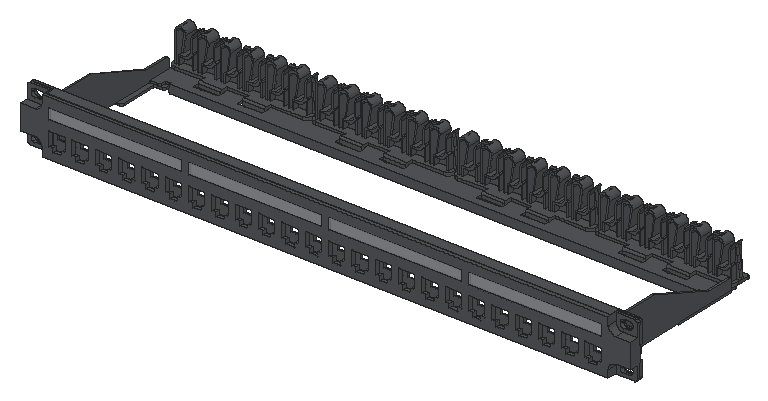
Revit family "Panel de interconexión", category Equipement spécialisé, Revit 2020 (continued)
Forms (mm)
  Extrusion 73, solid, material "IDS_NOIR" <- "Color"
    sketch origin (0, 127.2, 8.1) x (0, 1, 0) y (1, 0, 0)
      loop
        arc (104.1, 217.05) -> (103.393, 216.757) -> (103.1, 216.05) r 1
        line (103.1, 216.05) -> (103.1, 215.05) -> (97.1, 215.05)
    from 0 to -1.5
  Extrusion 74, solid, material "IDS_NOIR" <- "Color"
    sketch origin (-18.1, 127.2, 8.1) x (0, 1, 0) y (1, 0, 0)
      loop
        line (97.1, 215.05) -> (97.1, 210.05) -> (103.1, 210.05) -> (103.1, 209.05)
        arc (103.1, 209.05) -> (103.393, 208.343) -> (104.1, 208.05) r 1
        line (104.1, 208.05) -> (105.1, 208.05)
        arc (105.1, 208.05) -> (105.807, 208.343) -> (106.1, 209.05) r 1
        line (106.1, 209.05) -> (106.1, 216.05)
        arc (106.1, 216.05) -> (105.807, 216.757) -> (105.1, 217.05) r 1
        line (105.1, 217.05) -> (104.1, 217.05)
        arc (104.1, 217.05) -> (103.393, 216.757) -> (103.1, 216.05) r 1
        line (103.1, 216.05) -> (103.1, 215.05) -> (97.1, 215.05)
    from 0 to -1.5
  Extrusion 75, solid, material "IDS_NOIR" <- "Color"
    sketch origin (-36.2, 127.2, 8.1) x (0, 1, 0) y (1, 0, 0)
      loop
        line (97.1, 215.05) -> (97.1, 210.05) -> (103.1, 210.05) -> (103.1, 209.05)
        arc (103.1, 209.05) -> (103.393, 208.343) -> (104.1, 208.05) r 1
        line (104.1, 208.05) -> (105.1, 208.05)
        arc (105.1, 208.05) -> (105.807, 208.343) -> (106.1, 209.05) r 1
        line (106.1, 209.05) -> (106.1, 216.05)
        arc (106.1, 216.05) -> (105.807, 216.757) -> (105.1, 217.05) r 1
        line (105.1, 217.05) -> (104.1, 217.05)
        arc (104.1, 217.05) -> (103.393, 216.757) -> (103.1, 216.05) r 1
        line (103.1, 216.05) -> (103.1, 215.05) -> (97.1, 215.05)
    from 0 to -1.5
  Extrusion 76, solid, material "IDS_NOIR" <- "Color"
    sketch origin (-54.3, 127.2, 8.1) x (0, 1, 0) y (1, 0, 0)
      loop
        line (97.1, 215.05) -> (97.1, 210.05) -> (103.1, 210.05) -> (103.1, 209.05)
        arc (103.1, 209.05) -> (103.393, 208.343) -> (104.1, 208.05) r 1
        line (104.1, 208.05) -> (105.1, 208.05)
        arc (105.1, 208.05) -> (105.807, 208.343) -> (106.1, 209.05) r 1
        line (106.1, 209.05) -> (106.1, 216.05)
        arc (106.1, 216.05) -> (105.807, 216.757) -> (105.1, 217.05) r 1
        line (105.1, 217.05) -> (104.1, 217.05)
        arc (104.1, 217.05) -> (103.393, 216.757) -> (103.1, 216.05) r 1
        line (103.1, 216.05) -> (103.1, 215.05) -> (97.1, 215.05)
    from 0 to -1.5
  Extrusion 77, solid, material "IDS_NOIR" <- "Color"
    sketch origin (-72.4, 127.2, 8.1) x (0, 1, 0) y (1, 0, 0)
      loop
        line (97.1, 215.05) -> (97.1, 210.05) -> (103.1, 210.05) -> (103.1, 209.05)
        arc (103.1, 209.05) -> (103.393, 208.343) -> (104.1, 208.05) r 1
        line (104.1, 208.05) -> (105.1, 208.05)
        arc (105.1, 208.05) -> (105.807, 208.343) -> (106.1, 209.05) r 1
        line (106.1, 209.05) -> (106.1, 216.05)
        arc (106.1, 216.05) -> (105.807, 216.757) -> (105.1, 217.05) r 1
        line (105.1, 217.05) -> (104.1, 217.05)
        arc (104.1, 217.05) -> (103.393, 216.757) -> (103.1, 216.05) r 1
        line (103.1, 216.05) -> (103.1, 215.05) -> (97.1, 215.05)
    from 0 to -1.5
  Extrusion 78, solid, material "IDS_NOIR" <- "Color"
    sketch origin (-90.5, 127.2, 8.1) x (0, 1, 0) y (1, 0, 0)
      loop
        line (97.1, 215.05) -> (97.1, 210.05) -> (103.1, 210.05) -> (103.1, 209.05)
        arc (103.1, 209.05) -> (103.393, 208.343) -> (104.1, 208.05) r 1
        line (104.1, 208.05) -> (105.1, 208.05)
        arc (105.1, 208.05) -> (105.807, 208.343) -> (106.1, 209.05) r 1
        line (106.1, 209.05) -> (106.1, 216.05)
        arc (106.1, 216.05) -> (105.807, 216.757) -> (105.1, 217.05) r 1
        line (105.1, 217.05) -> (104.1, 217.05)
        arc (104.1, 217.05) -> (103.393, 216.757) -> (103.1, 216.05) r 1
        line (103.1, 216.05) -> (103.1, 215.05) -> (97.1, 215.05)
    from 0 to -1.5
  Extrusion 79, solid, material "IDS_NOIR" <- "Color"
    sketch origin (-112, 127.2, 8.1) x (0, 1, 0) y (1, 0, 0)
      loop
        line (97.1, 215.05) -> (97.1, 210.05) -> (103.1, 210.05) -> (103.1, 209.05)
        arc (103.1, 209.05) -> (103.393, 208.343) -> (104.1, 208.05) r 1
        line (104.1, 208.05) -> (105.1, 208.05)
        arc (105.1, 208.05) -> (105.807, 208.343) -> (106.1, 209.05) r 1
        line (106.1, 209.05) -> (106.1, 216.05)
        arc (106.1, 216.05) -> (105.807, 216.757) -> (105.1, 217.05) r 1
        line (105.1, 217.05) -> (104.1, 217.05)
        arc (104.1, 217.05) -> (103.393, 216.757) -> (103.1, 216.05) r 1
        line (103.1, 216.05) -> (103.1, 215.05) -> (97.1, 215.05)
    from 0 to -1.5
  Extrusion 80, solid, material "IDS_NOIR" <- "Color"
    sketch origin (-130.1, 127.2, 8.1) x (0, 1, 0) y (1, 0, 0)
      loop
        line (97.1, 215.05) -> (97.1, 210.05) -> (103.1, 210.05) -> (103.1, 209.05)
        arc (103.1, 209.05) -> (103.393, 208.343) -> (104.1, 208.05) r 1
        line (104.1, 208.05) -> (105.1, 208.05)
        arc (105.1, 208.05) -> (105.807, 208.343) -> (106.1, 209.05) r 1
        line (106.1, 209.05) -> (106.1, 216.05)
        arc (106.1, 216.05) -> (105.807, 216.757) -> (105.1, 217.05) r 1
        line (105.1, 217.05) -> (104.1, 217.05)
        arc (104.1, 217.05) -> (103.393, 216.757) -> (103.1, 216.05) r 1
        line (103.1, 216.05) -> (103.1, 215.05) -> (97.1, 215.05)
    from 0 to -1.5
  Extrusion 81, solid, material "IDS_NOIR" <- "Color"
    sketch origin (-148.2, 127.2, 8.1) x (0, 1, 0) y (1, 0, 0)
      loop
        line (97.1, 215.05) -> (97.1, 210.05) -> (103.1, 210.05) -> (103.1, 209.05)
        arc (103.1, 209.05) -> (103.393, 208.343) -> (104.1, 208.05) r 1
        line (104.1, 208.05) -> (105.1, 208.05)
        arc (105.1, 208.05) -> (105.807, 208.343) -> (106.1, 209.05) r 1
        line (106.1, 209.05) -> (106.1, 216.05)
        arc (106.1, 216.05) -> (105.807, 216.757) -> (105.1, 217.05) r 1
        line (105.1, 217.05) -> (104.1, 217.05)
        arc (104.1, 217.05) -> (103.393, 216.757) -> (103.1, 216.05) r 1
        line (103.1, 216.05) -> (103.1, 215.05) -> (97.1, 215.05)
    from 0 to -1.5
  Extrusion 82, solid, material "IDS_NOIR" <- "Color"
    sketch origin (-166.3, 127.2, 8.1) x (0, 1, 0) y (1, 0, 0)
      loop
        line (97.1, 215.05) -> (97.1, 210.05) -> (103.1, 210.05) -> (103.1, 209.05)
        arc (103.1, 209.05) -> (103.393, 208.343) -> (104.1, 208.05) r 1
        line (104.1, 208.05) -> (105.1, 208.05)
        arc (105.1, 208.05) -> (105.807, 208.343) -> (106.1, 209.05) r 1
        line (106.1, 209.05) -> (106.1, 216.05)
        arc (106.1, 216.05) -> (105.807, 216.757) -> (105.1, 217.05) r 1
        line (105.1, 217.05) -> (104.1, 217.05)
        arc (104.1, 217.05) -> (103.393, 216.757) -> (103.1, 216.05) r 1
        line (103.1, 216.05) -> (103.1, 215.05) -> (97.1, 215.05)
    from 0 to -1.5
  Extrusion 83, solid, material "IDS_NOIR" <- "Color"
    sketch origin (-184.4, 127.2, 8.1) x (0, 1, 0) y (1, 0, 0)
      loop
        line (97.1, 215.05) -> (97.1, 210.05) -> (103.1, 210.05) -> (103.1, 209.05)
        arc (103.1, 209.05) -> (103.393, 208.343) -> (104.1, 208.05) r 1
        line (104.1, 208.05) -> (105.1, 208.05)
        arc (105.1, 208.05) -> (105.807, 208.343) -> (106.1, 209.05) r 1
        line (106.1, 209.05) -> (106.1, 216.05)
        arc (106.1, 216.05) -> (105.807, 216.757) -> (105.1, 217.05) r 1
        line (105.1, 217.05) -> (104.1, 217.05)
        arc (104.1, 217.05) -> (103.393, 216.757) -> (103.1, 216.05) r 1
        line (103.1, 216.05) -> (103.1, 215.05) -> (97.1, 215.05)
    from 0 to -1.5
  Extrusion 84, solid, material "IDS_NOIR" <- "Color"
    sketch origin (-202.5, 127.2, 8.1) x (0, 1, 0) y (1, 0, 0)
      loop
        line (97.1, 215.05) -> (97.1, 210.05) -> (103.1, 210.05) -> (103.1, 209.05)
        arc (103.1, 209.05) -> (103.393, 208.343) -> (104.1, 208.05) r 1
        line (104.1, 208.05) -> (105.1, 208.05)
        arc (105.1, 208.05) -> (105.807, 208.343) -> (106.1, 209.05) r 1
        line (106.1, 209.05) -> (106.1, 216.05)
        arc (106.1, 216.05) -> (105.807, 216.757) -> (105.1, 217.05) r 1
        line (105.1, 217.05) -> (104.1, 217.05)
        arc (104.1, 217.05) -> (103.393, 216.757) -> (103.1, 216.05) r 1
        line (103.1, 216.05) -> (103.1, 215.05) -> (97.1, 215.05)
    from 0 to -1.5
  Extrusion 85, solid, material "IDS_NOIR" <- "Color"
    sketch origin (446.6, 127.2, 8.1) x (0, -1, 0) y (-1, 0, 0)
      loop
        line (-97.1, 215.05) -> (-103.1, 215.05) -> (-103.1, 216.05)
        arc (-103.1, 216.05) -> (-103.393, 216.757) -> (-104.1, 217.05) r 1
        line (-104.1, 217.05) -> (-105.1, 217.05)
        arc (-105.1, 217.05) -> (-105.807, 216.757) -> (-106.1, 216.05) r 1
        line (-106.1, 216.05) -> (-106.1, 209.05)
        arc (-106.1, 209.05) -> (-105.807, 208.343) -> (-105.1, 208.05) r 1
        line (-105.1, 208.05) -> (-104.1, 208.05)
        arc (-104.1, 208.05) -> (-103.393, 208.343) -> (-103.1, 209.05) r 1
        line (-103.1, 209.05) -> (-103.1, 210.05) -> (-97.1, 210.05) -> (-97.1, 215.05)
    from 0 to -1.5
  Extrusion 86, solid, material "IDS_NOIR" <- "Color"
    sketch origin (464.7, 127.2, 8.1) x (0, -1, 0) y (-1, 0, 0)
      loop
        line (-97.1, 215.05) -> (-103.1, 215.05) -> (-103.1, 216.05)
        arc (-103.1, 216.05) -> (-103.393, 216.757) -> (-104.1, 217.05) r 1
        line (-104.1, 217.05) -> (-105.1, 217.05)
        arc (-105.1, 217.05) -> (-105.807, 216.757) -> (-106.1, 216.05) r 1
        line (-106.1, 216.05) -> (-106.1, 209.05)
        arc (-106.1, 209.05) -> (-105.807, 208.343) -> (-105.1, 208.05) r 1
        line (-105.1, 208.05) -> (-104.1, 208.05)
        arc (-104.1, 208.05) -> (-103.393, 208.343) -> (-103.1, 209.05) r 1
        line (-103.1, 209.05) -> (-103.1, 210.05) -> (-97.1, 210.05) -> (-97.1, 215.05)
    from 0 to -1.5
  Extrusion 87, solid, material "IDS_NOIR" <- "Color"
    sketch origin (482.8, 127.2, 8.1) x (0, -1, 0) y (-1, 0, 0)
      loop
        line (-97.1, 215.05) -> (-103.1, 215.05) -> (-103.1, 216.05)
        arc (-103.1, 216.05) -> (-103.393, 216.757) -> (-104.1, 217.05) r 1
        line (-104.1, 217.05) -> (-105.1, 217.05)
        arc (-105.1, 217.05) -> (-105.807, 216.757) -> (-106.1, 216.05) r 1
        line (-106.1, 216.05) -> (-106.1, 209.05)
        arc (-106.1, 209.05) -> (-105.807, 208.343) -> (-105.1, 208.05) r 1
        line (-105.1, 208.05) -> (-104.1, 208.05)
        arc (-104.1, 208.05) -> (-103.393, 208.343) -> (-103.1, 209.05) r 1
        line (-103.1, 209.05) -> (-103.1, 210.05) -> (-97.1, 210.05) -> (-97.1, 215.05)
    from 0 to -1.5
  Extrusion 88, solid, material "IDS_NOIR" <- "Color"
    sketch origin (500.9, 127.2, 8.1) x (0, -1, 0) y (-1, 0, 0)
      loop
        line (-97.1, 215.05) -> (-103.1, 215.05) -> (-103.1, 216.05)
        arc (-103.1, 216.05) -> (-103.393, 216.757) -> (-104.1, 217.05) r 1
        line (-104.1, 217.05) -> (-105.1, 217.05)
        arc (-105.1, 217.05) -> (-105.807, 216.757) -> (-106.1, 216.05) r 1
        line (-106.1, 216.05) -> (-106.1, 209.05)
        arc (-106.1, 209.05) -> (-105.807, 208.343) -> (-105.1, 208.05) r 1
        line (-105.1, 208.05) -> (-104.1, 208.05)
        arc (-104.1, 208.05) -> (-103.393, 208.343) -> (-103.1, 209.05) r 1
        line (-103.1, 209.05) -> (-103.1, 210.05) -> (-97.1, 210.05) -> (-97.1, 215.05)
    from 0 to -1.5
  Extrusion 89, solid, material "IDS_NOIR" <- "Color"
    sketch origin (519, 127.2, 8.1) x (0, -1, 0) y (-1, 0, 0)
      loop
        line (-97.1, 215.05) -> (-103.1, 215.05) -> (-103.1, 216.05)
        arc (-103.1, 216.05) -> (-103.393, 216.757) -> (-104.1, 217.05) r 1
        line (-104.1, 217.05) -> (-105.1, 217.05)
        arc (-105.1, 217.05) -> (-105.807, 216.757) -> (-106.1, 216.05) r 1
        line (-106.1, 216.05) -> (-106.1, 209.05)
        arc (-106.1, 209.05) -> (-105.807, 208.343) -> (-105.1, 208.05) r 1
        line (-105.1, 208.05) -> (-104.1, 208.05)
        arc (-104.1, 208.05) -> (-103.393, 208.343) -> (-103.1, 209.05) r 1
        line (-103.1, 209.05) -> (-103.1, 210.05) -> (-97.1, 210.05) -> (-97.1, 215.05)
    from 0 to -1.5
  Extrusion 90, solid, material "IDS_NOIR" <- "Color"
    sketch origin (537.1, 127.2, 8.1) x (0, -1, 0) y (-1, 0, 0)
      loop
        line (-97.1, 215.05) -> (-103.1, 215.05) -> (-103.1, 216.05)
        arc (-103.1, 216.05) -> (-103.393, 216.757) -> (-104.1, 217.05) r 1
        line (-104.1, 217.05) -> (-105.1, 217.05)
        arc (-105.1, 217.05) -> (-105.807, 216.757) -> (-106.1, 216.05) r 1
        line (-106.1, 216.05) -> (-106.1, 209.05)
        arc (-106.1, 209.05) -> (-105.807, 208.343) -> (-105.1, 208.05) r 1
        line (-105.1, 208.05) -> (-104.1, 208.05)
        arc (-104.1, 208.05) -> (-103.393, 208.343) -> (-103.1, 209.05) r 1
        line (-103.1, 209.05) -> (-103.1, 210.05) -> (-97.1, 210.05) -> (-97.1, 215.05)
    from 0 to -1.5
  Extrusion 91, solid, material "IDS_NOIR" <- "Color"
    sketch origin (558.6, 127.2, 8.1) x (0, -1, 0) y (-1, 0, 0)
      loop
        line (-97.1, 215.05) -> (-103.1, 215.05) -> (-103.1, 216.05)
        arc (-103.1, 216.05) -> (-103.393, 216.757) -> (-104.1, 217.05) r 1
        line (-104.1, 217.05) -> (-105.1, 217.05)
        arc (-105.1, 217.05) -> (-105.807, 216.757) -> (-106.1, 216.05) r 1
        line (-106.1, 216.05) -> (-106.1, 209.05)
        arc (-106.1, 209.05) -> (-105.807, 208.343) -> (-105.1, 208.05) r 1
        line (-105.1, 208.05) -> (-104.1, 208.05)
        arc (-104.1, 208.05) -> (-103.393, 208.343) -> (-103.1, 209.05) r 1
        line (-103.1, 209.05) -> (-103.1, 210.05) -> (-97.1, 210.05) -> (-97.1, 215.05)
    from 0 to -1.5
  Extrusion 92, solid, material "IDS_NOIR" <- "Color"
    sketch origin (576.7, 127.2, 8.1) x (0, -1, 0) y (-1, 0, 0)
      loop
        line (-97.1, 215.05) -> (-103.1, 215.05) -> (-103.1, 216.05)
        arc (-103.1, 216.05) -> (-103.393, 216.757) -> (-104.1, 217.05) r 1
        line (-104.1, 217.05) -> (-105.1, 217.05)
        arc (-105.1, 217.05) -> (-105.807, 216.757) -> (-106.1, 216.05) r 1
        line (-106.1, 216.05) -> (-106.1, 209.05)
        arc (-106.1, 209.05) -> (-105.807, 208.343) -> (-105.1, 208.05) r 1
        line (-105.1, 208.05) -> (-104.1, 208.05)
        arc (-104.1, 208.05) -> (-103.393, 208.343) -> (-103.1, 209.05) r 1
        line (-103.1, 209.05) -> (-103.1, 210.05) -> (-97.1, 210.05) -> (-97.1, 215.05)
    from 0 to -1.5
  Extrusion 93, solid, material "IDS_NOIR" <- "Color"
    sketch origin (594.8, 127.2, 8.1) x (0, -1, 0) y (-1, 0, 0)
      loop
        line (-97.1, 215.05) -> (-103.1, 215.05) -> (-103.1, 216.05)
        arc (-103.1, 216.05) -> (-103.393, 216.757) -> (-104.1, 217.05) r 1
        line (-104.1, 217.05) -> (-105.1, 217.05)
        arc (-105.1, 217.05) -> (-105.807, 216.757) -> (-106.1, 216.05) r 1
        line (-106.1, 216.05) -> (-106.1, 209.05)
        arc (-106.1, 209.05) -> (-105.807, 208.343) -> (-105.1, 208.05) r 1
        line (-105.1, 208.05) -> (-104.1, 208.05)
        arc (-104.1, 208.05) -> (-103.393, 208.343) -> (-103.1, 209.05) r 1
        line (-103.1, 209.05) -> (-103.1, 210.05) -> (-97.1, 210.05) -> (-97.1, 215.05)
    from 0 to -1.5
  Extrusion 94, solid, material "IDS_NOIR" <- "Color"
    sketch origin (612.9, 127.2, 8.1) x (0, -1, 0) y (-1, 0, 0)
      loop
        line (-97.1, 215.05) -> (-103.1, 215.05) -> (-103.1, 216.05)
        arc (-103.1, 216.05) -> (-103.393, 216.757) -> (-104.1, 217.05) r 1
        line (-104.1, 217.05) -> (-105.1, 217.05)
        arc (-105.1, 217.05) -> (-105.807, 216.757) -> (-106.1, 216.05) r 1
        line (-106.1, 216.05) -> (-106.1, 209.05)
        arc (-106.1, 209.05) -> (-105.807, 208.343) -> (-105.1, 208.05) r 1
        line (-105.1, 208.05) -> (-104.1, 208.05)
        arc (-104.1, 208.05) -> (-103.393, 208.343) -> (-103.1, 209.05) r 1
        line (-103.1, 209.05) -> (-103.1, 210.05) -> (-97.1, 210.05) -> (-97.1, 215.05)
    from 0 to -1.5
  Extrusion 95, solid, material "IDS_NOIR" <- "Color"
    sketch origin (631, 127.2, 8.1) x (0, -1, 0) y (-1, 0, 0)
      loop
        line (-97.1, 215.05) -> (-103.1, 215.05) -> (-103.1, 216.05)
        arc (-103.1, 216.05) -> (-103.393, 216.757) -> (-104.1, 217.05) r 1
        line (-104.1, 217.05) -> (-105.1, 217.05)
        arc (-105.1, 217.05) -> (-105.807, 216.757) -> (-106.1, 216.05) r 1
        line (-106.1, 216.05) -> (-106.1, 209.05)
        arc (-106.1, 209.05) -> (-105.807, 208.343) -> (-105.1, 208.05) r 1
        line (-105.1, 208.05) -> (-104.1, 208.05)
        arc (-104.1, 208.05) -> (-103.393, 208.343) -> (-103.1, 209.05) r 1
        line (-103.1, 209.05) -> (-103.1, 210.05) -> (-97.1, 210.05) -> (-97.1, 215.05)
    from 0 to -1.5
  Extrusion 96, solid, material "IDS_NOIR" <- "Color"
    sketch origin (649.1, 127.2, 8.1) x (0, -1, 0) y (-1, 0, 0)
      loop
        line (-97.1, 215.05) -> (-103.1, 215.05) -> (-103.1, 216.05)
        arc (-103.1, 216.05) -> (-103.393, 216.757) -> (-104.1, 217.05) r 1
        line (-104.1, 217.05) -> (-105.1, 217.05)
        arc (-105.1, 217.05) -> (-105.807, 216.757) -> (-106.1, 216.05) r 1
        line (-106.1, 216.05) -> (-106.1, 209.05)
        arc (-106.1, 209.05) -> (-105.807, 208.343) -> (-105.1, 208.05) r 1
        line (-105.1, 208.05) -> (-104.1, 208.05)
        arc (-104.1, 208.05) -> (-103.393, 208.343) -> (-103.1, 209.05) r 1
        line (-103.1, 209.05) -> (-103.1, 210.05) -> (-97.1, 210.05) -> (-97.1, 215.05)
    from 0 to -1.5
  Extrusion 97, solid, material "IDS_NOIR" <- "Color"
    sketch origin (0, 127.2, 9.6) x (1, 0, 0) y (0, 1, 0)
      loop
        line (5.4, 91.1) -> (106.4, 91.1)
        arc (106.4, 91.1) -> (109.936, 92.564) -> (111.4, 96.1) r 5
        line (111.4, 96.1) -> (111.4, 105.6)
        arc (111.4, 105.6) -> (110.814, 107.014) -> (109.4, 107.6) r 2
        line (109.4, 107.6) -> (2.4, 107.6)
        arc (2.4, 107.6) -> (0.986, 107.014) -> (0.4, 105.6) r 2
        line (0.4, 105.6) -> (0.4, 96.1)
        arc (0.4, 96.1) -> (1.864, 92.564) -> (5.4, 91.1) r 5
    from 0 to 2
  Extrusion 98, solid, material "IDS_NOIR" <- "Color"
    sketch origin (28.9, 239.845, 1200) x (0, 1, 0) y (0, 0, 1)
      loop
        line (-21.545, -1190.4) -> (-21.545, -1188.4) -> (-26.045, -1188.4)
        arc (-26.045, -1188.4) -> (-27.106, -1188.839) -> (-27.545, -1189.9) r 1.5
        line (-27.545, -1189.9) -> (-27.545, -1192.9)
        arc (-27.545, -1192.9) -> (-27.106, -1193.961) -> (-26.045, -1194.4) r 1.5
        line (-26.045, -1194.4) -> (-23.545, -1194.4) -> (-23.545, -1192.4) -> (-25.545, -1192.4) -> (-25.545, -1190.4) -> (-21.545, -1190.4)
    from 0 to 18
  Extrusion 99, solid, material "IDS_NOIR" <- "Color"
    sketch origin (81.7, 239.845, 1200) x (0, 1, 0) y (0, 0, -1)
      loop
        line (-21.545, 1190.4) -> (-25.545, 1190.4) -> (-25.545, 1192.4) -> (-23.545, 1192.4) -> (-23.545, 1194.4) -> (-26.045, 1194.4)
        arc (-26.045, 1194.4) -> (-27.106, 1193.961) -> (-27.545, 1192.9) r 1.5
        line (-27.545, 1192.9) -> (-27.545, 1189.9)
        arc (-27.545, 1189.9) -> (-27.106, 1188.839) -> (-26.045, 1188.4) r 1.5
        line (-26.045, 1188.4) -> (-21.545, 1188.4) -> (-21.545, 1190.4)
    from 0 to 18
  Extrusion 100, solid, material "IDS_NOIR" <- "Color"
    sketch origin (5.4, 247.204, 1200) x (0, 1, 0) y (0, 0, 1)
      loop
        line (-12.404, -1190.401) -> (-13.654, -1190.401) -> (-13.654, -1195.9) -> (-12.404, -1195.9) -> (-12.404, -1190.401)
    from 0 to 22
  Extrusion 101, solid, material "IDS_NOIR" <- "Color"
    sketch origin (7.9, 236.327, 1200) x (0, 1, 0) y (0, 0, 1)
      loop
        line (-4.027, -1192.4) -> (-4.027, -1195.9) -> (-2.777, -1195.9) -> (-2.777, -1192.4) -> (-4.027, -1192.4)
    from 0 to 4
  Extrusion 102, void
    sketch origin (5.4, 247.204, 1200) x (0, -1, 0) y (0, 0, 1)
      loop
        line (12.904, -1195.9) -> (14.904, -1195.9) -> (14.904, -1193.4) -> (12.904, -1195.9)
    from 0 to -22
  Extrusion 103, solid, material "IDS_NOIR" <- "Color"
    sketch origin (105.2, 247.204, 1200) x (0, 1, 0) y (0, 0, -1)
      loop
        line (-12.404, 1190.401) -> (-12.404, 1195.9) -> (-13.654, 1195.9) -> (-13.654, 1190.401) -> (-12.404, 1190.401)
    from 0 to 22
  Extrusion 104, solid, material "IDS_NOIR" <- "Color"
    sketch origin (102.7, 236.327, 1200) x (0, 1, 0) y (0, 0, -1)
      loop
        line (-4.027, 1192.4) -> (-2.777, 1192.4) -> (-2.777, 1195.9) -> (-4.027, 1195.9) -> (-4.027, 1192.4)
    from 0 to 4
  Extrusion 105, void
    sketch origin (105.2, 247.204, 1200) x (0, -1, 0) y (0, 0, -1)
      loop
        line (12.904, 1195.9) -> (14.904, 1193.4) -> (14.904, 1195.9) -> (12.904, 1195.9)
    from 0 to -22
  Extrusion 106, solid, material "IDS_NOIR" <- "Color"
    sketch origin (-28, 231.765, 1200) x (-1, 0, 0) y (0, 0, 1)
      loop
        line (-30.74, -1188.4) -> (-30.74, -1165.4)
        arc (-30.74, -1165.4) -> (-35.283, -1161.16) -> (-39.2, -1165.985) r 4.25
        line (-39.2, -1165.985) -> (-37.4, -1178.928) -> (-36.211, -1178.763) -> (-38.011, -1165.82)
        arc (-38.011, -1165.82) -> (-35.201, -1162.357) -> (-31.94, -1165.4) r 3.05
        line (-31.94, -1165.4) -> (-31.94, -1188.4) -> (-30.74, -1188.4)
      loop
        line (-44.7, -1176.6) -> (-45.54, -1177.3)
        arc (-45.54, -1177.3) -> (-45.806, -1177.644) -> (-45.9, -1178.068) r 1
        line (-45.9, -1178.068) -> (-45.9, -1188.4) -> (-44.7, -1188.4) -> (-44.7, -1179.283)
        arc (-44.7, -1179.283) -> (-44.465, -1178.991) -> (-44.129, -1179.156) r 0.3
        arc (-44.129, -1179.156) -> (-41.915, -1181.666) -> (-38.7, -1182.6) r 6
        line (-38.7, -1182.6) -> (-34.9, -1182.6) -> (-34.9, -1188.4) -> (-33.7, -1188.4) -> (-33.7, -1182.4)
        arc (-33.7, -1182.4) -> (-33.993, -1181.693) -> (-34.7, -1181.4) r 1
        line (-34.7, -1181.4) -> (-37.5, -1181.4)
        arc (-37.5, -1181.4) -> (-41.743, -1179.643) -> (-43.5, -1175.4) r 6
        line (-43.5, -1175.4) -> (-43.5, -1166.45) -> (-44.7, -1163.4) -> (-45.9, -1163.4) -> (-44.7, -1166.45) -> (-44.7, -1176.6)
    from 0 to -10
  Extrusion 107, solid, material "IDS_NOIR" <- "Color"
    sketch origin (-10, 231.765, 1200) x (-1, 0, 0) y (0, 0, 1)
      loop
        line (-30.74, -1188.4) -> (-30.74, -1165.4)
        arc (-30.74, -1165.4) -> (-35.283, -1161.16) -> (-39.2, -1165.985) r 4.25
        line (-39.2, -1165.985) -> (-37.4, -1178.928) -> (-36.211, -1178.763) -> (-38.011, -1165.82)
        arc (-38.011, -1165.82) -> (-35.201, -1162.357) -> (-31.94, -1165.4) r 3.05
        line (-31.94, -1165.4) -> (-31.94, -1188.4) -> (-30.74, -1188.4)
      loop
        line (-44.7, -1176.6) -> (-45.54, -1177.3)
        arc (-45.54, -1177.3) -> (-45.806, -1177.644) -> (-45.9, -1178.068) r 1
        line (-45.9, -1178.068) -> (-45.9, -1188.4) -> (-44.7, -1188.4) -> (-44.7, -1179.283)
        arc (-44.7, -1179.283) -> (-44.465, -1178.991) -> (-44.129, -1179.156) r 0.3
        arc (-44.129, -1179.156) -> (-41.915, -1181.666) -> (-38.7, -1182.6) r 6
        line (-38.7, -1182.6) -> (-34.9, -1182.6) -> (-34.9, -1188.4) -> (-33.7, -1188.4) -> (-33.7, -1182.4)
        arc (-33.7, -1182.4) -> (-33.993, -1181.693) -> (-34.7, -1181.4) r 1
        line (-34.7, -1181.4) -> (-37.5, -1181.4)
        arc (-37.5, -1181.4) -> (-41.743, -1179.643) -> (-43.5, -1175.4) r 6
        line (-43.5, -1175.4) -> (-43.5, -1166.45) -> (-44.7, -1163.4) -> (-45.9, -1163.4) -> (-44.7, -1166.45) -> (-44.7, -1176.6)
    from 0 to -10
  Extrusion 108, solid, material "IDS_NOIR" <- "Color"
    sketch origin (8, 231.765, 1200) x (-1, 0, 0) y (0, 0, 1)
      loop
        line (-30.74, -1188.4) -> (-30.74, -1165.4)
        arc (-30.74, -1165.4) -> (-35.283, -1161.16) -> (-39.2, -1165.985) r 4.25
        line (-39.2, -1165.985) -> (-37.4, -1178.928) -> (-36.211, -1178.763) -> (-38.011, -1165.82)
        arc (-38.011, -1165.82) -> (-35.201, -1162.357) -> (-31.94, -1165.4) r 3.05
        line (-31.94, -1165.4) -> (-31.94, -1188.4) -> (-30.74, -1188.4)
      loop
        line (-44.7, -1176.6) -> (-45.54, -1177.3)
        arc (-45.54, -1177.3) -> (-45.806, -1177.644) -> (-45.9, -1178.068) r 1
        line (-45.9, -1178.068) -> (-45.9, -1188.4) -> (-44.7, -1188.4) -> (-44.7, -1179.283)
        arc (-44.7, -1179.283) -> (-44.465, -1178.991) -> (-44.129, -1179.156) r 0.3
        arc (-44.129, -1179.156) -> (-41.915, -1181.666) -> (-38.7, -1182.6) r 6
        line (-38.7, -1182.6) -> (-34.9, -1182.6) -> (-34.9, -1188.4) -> (-33.7, -1188.4) -> (-33.7, -1182.4)
        arc (-33.7, -1182.4) -> (-33.993, -1181.693) -> (-34.7, -1181.4) r 1
        line (-34.7, -1181.4) -> (-37.5, -1181.4)
        arc (-37.5, -1181.4) -> (-41.743, -1179.643) -> (-43.5, -1175.4) r 6
        line (-43.5, -1175.4) -> (-43.5, -1166.45) -> (-44.7, -1163.4) -> (-45.9, -1163.4) -> (-44.7, -1166.45) -> (-44.7, -1176.6)
    from 0 to -10
  Extrusion 109, solid, material "IDS_NOIR" <- "Color"
    sketch origin (26, 231.765, 1200) x (-1, 0, 0) y (0, 0, 1)
      loop
        line (-30.74, -1188.4) -> (-30.74, -1165.4)
        arc (-30.74, -1165.4) -> (-35.283, -1161.16) -> (-39.2, -1165.985) r 4.25
        line (-39.2, -1165.985) -> (-37.4, -1178.928) -> (-36.211, -1178.763) -> (-38.011, -1165.82)
        arc (-38.011, -1165.82) -> (-35.201, -1162.357) -> (-31.94, -1165.4) r 3.05
        line (-31.94, -1165.4) -> (-31.94, -1188.4) -> (-30.74, -1188.4)
      loop
        line (-44.7, -1176.6) -> (-45.54, -1177.3)
        arc (-45.54, -1177.3) -> (-45.806, -1177.644) -> (-45.9, -1178.068) r 1
        line (-45.9, -1178.068) -> (-45.9, -1188.4) -> (-44.7, -1188.4) -> (-44.7, -1179.283)
        arc (-44.7, -1179.283) -> (-44.465, -1178.991) -> (-44.129, -1179.156) r 0.3
        arc (-44.129, -1179.156) -> (-41.915, -1181.666) -> (-38.7, -1182.6) r 6
        line (-38.7, -1182.6) -> (-34.9, -1182.6) -> (-34.9, -1188.4) -> (-33.7, -1188.4) -> (-33.7, -1182.4)
        arc (-33.7, -1182.4) -> (-33.993, -1181.693) -> (-34.7, -1181.4) r 1
        line (-34.7, -1181.4) -> (-37.5, -1181.4)
        arc (-37.5, -1181.4) -> (-41.743, -1179.643) -> (-43.5, -1175.4) r 6
        line (-43.5, -1175.4) -> (-43.5, -1166.45) -> (-44.7, -1163.4) -> (-45.9, -1163.4) -> (-44.7, -1166.45) -> (-44.7, -1176.6)
    from 0 to -10
  Extrusion 110, solid, material "IDS_NOIR" <- "Color"
    sketch origin (44, 231.765, 1200) x (-1, 0, 0) y (0, 0, 1)
      loop
        line (-30.74, -1188.4) -> (-30.74, -1165.4)
        arc (-30.74, -1165.4) -> (-35.283, -1161.16) -> (-39.2, -1165.985) r 4.25
        line (-39.2, -1165.985) -> (-37.4, -1178.928) -> (-36.211, -1178.763) -> (-38.011, -1165.82)
        arc (-38.011, -1165.82) -> (-35.201, -1162.357) -> (-31.94, -1165.4) r 3.05
        line (-31.94, -1165.4) -> (-31.94, -1188.4) -> (-30.74, -1188.4)
      loop
        line (-44.7, -1176.6) -> (-45.54, -1177.3)
        arc (-45.54, -1177.3) -> (-45.806, -1177.644) -> (-45.9, -1178.068) r 1
        line (-45.9, -1178.068) -> (-45.9, -1188.4) -> (-44.7, -1188.4) -> (-44.7, -1179.283)
        arc (-44.7, -1179.283) -> (-44.465, -1178.991) -> (-44.129, -1179.156) r 0.3
        arc (-44.129, -1179.156) -> (-41.915, -1181.666) -> (-38.7, -1182.6) r 6
        line (-38.7, -1182.6) -> (-34.9, -1182.6) -> (-34.9, -1188.4) -> (-33.7, -1188.4) -> (-33.7, -1182.4)
        arc (-33.7, -1182.4) -> (-33.993, -1181.693) -> (-34.7, -1181.4) r 1
        line (-34.7, -1181.4) -> (-37.5, -1181.4)
        arc (-37.5, -1181.4) -> (-41.743, -1179.643) -> (-43.5, -1175.4) r 6
        line (-43.5, -1175.4) -> (-43.5, -1166.45) -> (-44.7, -1163.4) -> (-45.9, -1163.4) -> (-44.7, -1166.45) -> (-44.7, -1176.6)
    from 0 to -10
  Extrusion 111, solid, material "IDS_NOIR" <- "Color"
    sketch origin (62, 231.765, 1200) x (-1, 0, 0) y (0, 0, 1)
      loop
        line (-30.74, -1188.4) -> (-30.74, -1165.4)
        arc (-30.74, -1165.4) -> (-35.283, -1161.16) -> (-39.2, -1165.985) r 4.25
        line (-39.2, -1165.985) -> (-37.4, -1178.928) -> (-36.211, -1178.763) -> (-38.011, -1165.82)
        arc (-38.011, -1165.82) -> (-35.201, -1162.357) -> (-31.94, -1165.4) r 3.05
        line (-31.94, -1165.4) -> (-31.94, -1188.4) -> (-30.74, -1188.4)
      loop
        line (-44.7, -1176.6) -> (-45.54, -1177.3)
        arc (-45.54, -1177.3) -> (-45.806, -1177.644) -> (-45.9, -1178.068) r 1
        line (-45.9, -1178.068) -> (-45.9, -1188.4) -> (-44.7, -1188.4) -> (-44.7, -1179.283)
        arc (-44.7, -1179.283) -> (-44.465, -1178.991) -> (-44.129, -1179.156) r 0.3
        arc (-44.129, -1179.156) -> (-41.915, -1181.666) -> (-38.7, -1182.6) r 6
        line (-38.7, -1182.6) -> (-34.9, -1182.6) -> (-34.9, -1188.4) -> (-33.7, -1188.4) -> (-33.7, -1182.4)
        arc (-33.7, -1182.4) -> (-33.993, -1181.693) -> (-34.7, -1181.4) r 1
        line (-34.7, -1181.4) -> (-37.5, -1181.4)
        arc (-37.5, -1181.4) -> (-41.743, -1179.643) -> (-43.5, -1175.4) r 6
        line (-43.5, -1175.4) -> (-43.5, -1166.45) -> (-44.7, -1163.4) -> (-45.9, -1163.4) -> (-44.7, -1166.45) -> (-44.7, -1176.6)
    from 0 to -10
  Extrusion 112, solid, material "IDS_NOIR" <- "Color"
    sketch origin (-11.064, 226.765, 1200) x (-1, 0, 0) y (0, 0, 1)
      loop
        line (-28.964, -1163.4) -> (-28.964, -1173.921)
        arc (-28.964, -1173.921) -> (-29.228, -1174.219) -> (-29.555, -1173.994) r 0.3
        line (-29.555, -1173.994) -> (-31.804, -1165.028) -> (-31.804, -1188.4) -> (-28.964, -1188.4) -> (-28.964, -1178.068)
        arc (-28.964, -1178.068) -> (-28.87, -1177.644) -> (-28.605, -1177.3) r 1
        line (-28.605, -1177.3) -> (-27.764, -1176.6) -> (-27.764, -1166.45) -> (-28.964, -1163.4)
      loop
        line (-27.764, -1188.4) -> (-17.964, -1188.4) -> (-17.964, -1182.6) -> (-21.764, -1182.6)
        arc (-21.764, -1182.6) -> (-24.979, -1181.666) -> (-27.193, -1179.156) r 6
        arc (-27.193, -1179.156) -> (-27.53, -1178.991) -> (-27.764, -1179.283) r 0.3
        line (-27.764, -1179.283) -> (-27.764, -1188.4)
      loop
        line (-16.764, -1182.4) -> (-16.764, -1188.4) -> (-15.004, -1188.4) -> (-15.004, -1182.4) -> (-16.764, -1182.4)
      loop
        line (-13.804, -1188.4) -> (-11.464, -1188.4) -> (-13.804, -1165.4) -> (-13.804, -1188.4)
    from 1 to -1
  Extrusion 113, solid, material "IDS_NOIR" <- "Color"
    sketch origin (6.936, 226.765, 1200) x (-1, 0, 0) y (0, 0, 1)
      loop
        line (-28.964, -1163.4) -> (-28.964, -1173.921)
        arc (-28.964, -1173.921) -> (-29.228, -1174.219) -> (-29.555, -1173.994) r 0.3
        line (-29.555, -1173.994) -> (-31.804, -1165.028) -> (-31.804, -1188.4) -> (-28.964, -1188.4) -> (-28.964, -1178.068)
        arc (-28.964, -1178.068) -> (-28.87, -1177.644) -> (-28.605, -1177.3) r 1
        line (-28.605, -1177.3) -> (-27.764, -1176.6) -> (-27.764, -1166.45) -> (-28.964, -1163.4)
      loop
        line (-27.764, -1188.4) -> (-17.964, -1188.4) -> (-17.964, -1182.6) -> (-21.764, -1182.6)
        arc (-21.764, -1182.6) -> (-24.979, -1181.666) -> (-27.193, -1179.156) r 6
        arc (-27.193, -1179.156) -> (-27.53, -1178.991) -> (-27.764, -1179.283) r 0.3
        line (-27.764, -1179.283) -> (-27.764, -1188.4)
      loop
        line (-16.764, -1182.4) -> (-16.764, -1188.4) -> (-15.229, -1188.4) -> (-15.229, -1182.4) -> (-16.764, -1182.4)
    from 1 to -1
  Extrusion 114, solid, material "IDS_NOIR" <- "Color"
    sketch origin (24.936, 226.765, 1200) x (-1, 0, 0) y (0, 0, 1)
      loop
        line (-28.964, -1163.4) -> (-28.964, -1173.921)
        arc (-28.964, -1173.921) -> (-29.228, -1174.219) -> (-29.555, -1173.994) r 0.3
        line (-29.555, -1173.994) -> (-31.804, -1165.028) -> (-31.804, -1188.4) -> (-28.964, -1188.4) -> (-28.964, -1178.068)
        arc (-28.964, -1178.068) -> (-28.87, -1177.644) -> (-28.605, -1177.3) r 1
        line (-28.605, -1177.3) -> (-27.764, -1176.6) -> (-27.764, -1166.45) -> (-28.964, -1163.4)
      loop
        line (-27.764, -1188.4) -> (-17.964, -1188.4) -> (-17.964, -1182.6) -> (-21.764, -1182.6)
        arc (-21.764, -1182.6) -> (-24.979, -1181.666) -> (-27.193, -1179.156) r 6
        arc (-27.193, -1179.156) -> (-27.53, -1178.991) -> (-27.764, -1179.283) r 0.3
        line (-27.764, -1179.283) -> (-27.764, -1188.4)
      loop
        line (-16.764, -1182.4) -> (-16.764, -1188.4) -> (-15.004, -1188.4) -> (-15.004, -1182.4) -> (-16.764, -1182.4)
    from 1 to -1
  Extrusion 115, solid, material "IDS_NOIR" <- "Color"
    sketch origin (42.936, 226.765, 1200) x (-1, 0, 0) y (0, 0, 1)
      loop
        line (-28.964, -1163.4) -> (-28.964, -1173.921)
        arc (-28.964, -1173.921) -> (-29.228, -1174.219) -> (-29.555, -1173.994) r 0.3
        line (-29.555, -1173.994) -> (-31.804, -1165.028) -> (-31.804, -1188.4) -> (-28.964, -1188.4) -> (-28.964, -1178.068)
        arc (-28.964, -1178.068) -> (-28.87, -1177.644) -> (-28.605, -1177.3) r 1
        line (-28.605, -1177.3) -> (-27.764, -1176.6) -> (-27.764, -1166.45) -> (-28.964, -1163.4)
      loop
        line (-27.764, -1188.4) -> (-17.964, -1188.4) -> (-17.964, -1182.6) -> (-21.764, -1182.6)
        arc (-21.764, -1182.6) -> (-24.979, -1181.666) -> (-27.193, -1179.156) r 6
        arc (-27.193, -1179.156) -> (-27.53, -1178.991) -> (-27.764, -1179.283) r 0.3
        line (-27.764, -1179.283) -> (-27.764, -1188.4)
      loop
        line (-16.764, -1182.4) -> (-16.764, -1188.4) -> (-15.004, -1188.4) -> (-15.004, -1182.4) -> (-16.764, -1182.4)
    from 1 to -1
  Extrusion 116, solid, material "IDS_NOIR" <- "Color"
    sketch origin (60.936, 226.765, 1200) x (-1, 0, 0) y (0, 0, 1)
      loop
        line (-28.964, -1163.4) -> (-28.964, -1173.921)
        arc (-28.964, -1173.921) -> (-29.228, -1174.219) -> (-29.555, -1173.994) r 0.3
        line (-29.555, -1173.994) -> (-31.804, -1165.028) -> (-31.804, -1188.4) -> (-28.964, -1188.4) -> (-28.964, -1178.068)
        arc (-28.964, -1178.068) -> (-28.87, -1177.644) -> (-28.605, -1177.3) r 1
        line (-28.605, -1177.3) -> (-27.764, -1176.6) -> (-27.764, -1166.45) -> (-28.964, -1163.4)
      loop
        line (-27.764, -1188.4) -> (-17.964, -1188.4) -> (-17.964, -1182.6) -> (-21.764, -1182.6)
        arc (-21.764, -1182.6) -> (-24.979, -1181.666) -> (-27.193, -1179.156) r 6
        arc (-27.193, -1179.156) -> (-27.53, -1178.991) -> (-27.764, -1179.283) r 0.3
        line (-27.764, -1179.283) -> (-27.764, -1188.4)
      loop
        line (-16.764, -1182.4) -> (-16.764, -1188.4) -> (-15.004, -1188.4) -> (-15.004, -1182.4) -> (-16.764, -1182.4)
    from 1 to -1
  Extrusion 117, solid, material "IDS_NOIR" <- "Color"
    sketch origin (78.936, 226.765, 1200) x (-1, 0, 0) y (0, 0, 1)
      loop
        line (-32.464, -1188.4) -> (-28.964, -1188.4) -> (-28.964, -1178.068)
        arc (-28.964, -1178.068) -> (-28.87, -1177.644) -> (-28.605, -1177.3) r 1
        line (-28.605, -1177.3) -> (-27.764, -1176.6) -> (-27.764, -1166.45) -> (-28.819, -1163.769) -> (-32.464, -1188.4)
      loop
        line (-27.764, -1188.4) -> (-17.964, -1188.4) -> (-17.964, -1182.6) -> (-21.764, -1182.6)
        arc (-21.764, -1182.6) -> (-24.979, -1181.666) -> (-27.193, -1179.156) r 6
        arc (-27.193, -1179.156) -> (-27.53, -1178.991) -> (-27.764, -1179.283) r 0.3
        line (-27.764, -1179.283) -> (-27.764, -1188.4)
      loop
        line (-16.764, -1182.4) -> (-16.764, -1188.4) -> (-15.004, -1188.4) -> (-15.004, -1182.4) -> (-16.764, -1182.4)
    from 1 to -1
  Extrusion 118, solid, material "IDS_NOIR" <- "Color"
    sketch origin (-11.064, 226.765, 1200) x (-1, 0, 0) y (0, 0, 1)
      loop
        arc (-36.054, -1161.15) -> (-33.708, -1161.856) -> (-32.142, -1163.74) r 4.25
        arc (-32.142, -1163.74) -> (-32.055, -1162.798) -> (-31.221, -1162.35) r 1
        line (-31.221, -1162.35) -> (-28.964, -1162.35) -> (-28.964, -1161.15) -> (-36.054, -1161.15)
    from -1 to 1
  Extrusion 119, solid, material "IDS_NOIR" <- "Color"
    sketch origin (6.936, 226.765, 1200) x (-1, 0, 0) y (0, 0, 1)
      loop
        arc (-36.054, -1161.15) -> (-33.708, -1161.856) -> (-32.142, -1163.74) r 4.25
        arc (-32.142, -1163.74) -> (-32.055, -1162.798) -> (-31.221, -1162.35) r 1
        line (-31.221, -1162.35) -> (-28.964, -1162.35) -> (-28.964, -1161.15) -> (-36.054, -1161.15)
    from -1 to 1
  Extrusion 120, solid, material "IDS_NOIR" <- "Color"
    sketch origin (24.936, 226.765, 1200) x (-1, 0, 0) y (0, 0, 1)
      loop
        arc (-36.054, -1161.15) -> (-33.708, -1161.856) -> (-32.142, -1163.74) r 4.25
        arc (-32.142, -1163.74) -> (-32.055, -1162.798) -> (-31.221, -1162.35) r 1
        line (-31.221, -1162.35) -> (-28.964, -1162.35) -> (-28.964, -1161.15) -> (-36.054, -1161.15)
    from -1 to 1
  Extrusion 121, solid, material "IDS_NOIR" <- "Color"
    sketch origin (42.936, 226.765, 1200) x (-1, 0, 0) y (0, 0, 1)
      loop
        arc (-36.054, -1161.15) -> (-33.708, -1161.856) -> (-32.142, -1163.74) r 4.25
        arc (-32.142, -1163.74) -> (-32.055, -1162.798) -> (-31.221, -1162.35) r 1
        line (-31.221, -1162.35) -> (-28.964, -1162.35) -> (-28.964, -1161.15) -> (-36.054, -1161.15)
    from -1 to 1
  Extrusion 122, solid, material "IDS_NOIR" <- "Color"
    sketch origin (60.936, 226.765, 1200) x (-1, 0, 0) y (0, 0, 1)
      loop
        arc (-36.054, -1161.15) -> (-33.708, -1161.856) -> (-32.142, -1163.74) r 4.25
        arc (-32.142, -1163.74) -> (-32.055, -1162.798) -> (-31.221, -1162.35) r 1
        line (-31.221, -1162.35) -> (-28.964, -1162.35) -> (-28.964, -1161.15) -> (-36.054, -1161.15)
    from -1 to 1
  Extrusion 123, solid, material "IDS_NOIR" <- "Color"
    sketch origin (111.5, 127.2, 9.6) x (1, 0, 0) y (0, 1, 0)
      loop
        line (5.4, 91.1) -> (106.4, 91.1)
        arc (106.4, 91.1) -> (109.936, 92.564) -> (111.4, 96.1) r 5
        line (111.4, 96.1) -> (111.4, 105.6)
        arc (111.4, 105.6) -> (110.814, 107.014) -> (109.4, 107.6) r 2
        line (109.4, 107.6) -> (2.4, 107.6)
        arc (2.4, 107.6) -> (0.986, 107.014) -> (0.4, 105.6) r 2
        line (0.4, 105.6) -> (0.4, 96.1)
        arc (0.4, 96.1) -> (1.864, 92.564) -> (5.4, 91.1) r 5
    from 0 to 2
  Extrusion 124, solid, material "IDS_NOIR" <- "Color"
    sketch origin (140.4, 239.845, 1200) x (0, 1, 0) y (0, 0, 1)
      loop
        line (-21.545, -1190.4) -> (-21.545, -1188.4) -> (-26.045, -1188.4)
        arc (-26.045, -1188.4) -> (-27.106, -1188.839) -> (-27.545, -1189.9) r 1.5
        line (-27.545, -1189.9) -> (-27.545, -1192.9)
        arc (-27.545, -1192.9) -> (-27.106, -1193.961) -> (-26.045, -1194.4) r 1.5
        line (-26.045, -1194.4) -> (-23.545, -1194.4) -> (-23.545, -1192.4) -> (-25.545, -1192.4) -> (-25.545, -1190.4) -> (-21.545, -1190.4)
    from 0 to 18
  Extrusion 125, solid, material "IDS_NOIR" <- "Color"
    sketch origin (193.2, 239.845, 1200) x (0, 1, 0) y (0, 0, -1)
      loop
        line (-21.545, 1190.4) -> (-25.545, 1190.4) -> (-25.545, 1192.4) -> (-23.545, 1192.4) -> (-23.545, 1194.4) -> (-26.045, 1194.4)
        arc (-26.045, 1194.4) -> (-27.106, 1193.961) -> (-27.545, 1192.9) r 1.5
        line (-27.545, 1192.9) -> (-27.545, 1189.9)
        arc (-27.545, 1189.9) -> (-27.106, 1188.839) -> (-26.045, 1188.4) r 1.5
        line (-26.045, 1188.4) -> (-21.545, 1188.4) -> (-21.545, 1190.4)
    from 0 to 18
  Extrusion 126, solid, material "IDS_NOIR" <- "Color"
    sketch origin (116.9, 247.204, 1200) x (0, 1, 0) y (0, 0, 1)
      loop
        line (-12.404, -1190.401) -> (-13.654, -1190.401) -> (-13.654, -1195.9) -> (-12.404, -1195.9) -> (-12.404, -1190.401)
    from 0 to 22
  Extrusion 127, solid
    sketch origin (119.4, 236.327, 1200) x (0, 1, 0) y (0, 0, 1)
      loop
        line (-4.027, -1192.4) -> (-4.027, -1195.9) -> (-2.777, -1195.9) -> (-2.777, -1192.4) -> (-4.027, -1192.4)
    from 0 to 4
  Extrusion 128, void
    sketch origin (116.9, 247.204, 1200) x (0, -1, 0) y (0, 0, 1)
      loop
        line (12.904, -1195.9) -> (14.904, -1195.9) -> (14.904, -1193.4) -> (12.904, -1195.9)
    from 0 to -22
  Extrusion 129, solid, material "IDS_NOIR" <- "Color"
    sketch origin (216.7, 247.204, 1200) x (0, 1, 0) y (0, 0, -1)
      loop
        line (-12.404, 1190.401) -> (-12.404, 1195.9) -> (-13.654, 1195.9) -> (-13.654, 1190.401) -> (-12.404, 1190.401)
    from 0 to 22
  Extrusion 130, solid
    sketch origin (214.2, 236.327, 1200) x (0, 1, 0) y (0, 0, -1)
      loop
        line (-4.027, 1192.4) -> (-2.777, 1192.4) -> (-2.777, 1195.9) -> (-4.027, 1195.9) -> (-4.027, 1192.4)
    from 0 to 4
  Extrusion 131, void
    sketch origin (216.7, 247.204, 1200) x (0, -1, 0) y (0, 0, -1)
      loop
        line (12.904, 1195.9) -> (14.904, 1193.4) -> (14.904, 1195.9) -> (12.904, 1195.9)
    from 0 to -22
  Extrusion 132, solid, material "IDS_NOIR" <- "Color"
    sketch origin (83.5, 231.765, 1200) x (-1, 0, 0) y (0, 0, 1)
      loop
        line (-30.74, -1188.4) -> (-30.74, -1165.4)
        arc (-30.74, -1165.4) -> (-35.283, -1161.16) -> (-39.2, -1165.985) r 4.25
        line (-39.2, -1165.985) -> (-37.4, -1178.928) -> (-36.211, -1178.763) -> (-38.011, -1165.82)
        arc (-38.011, -1165.82) -> (-35.201, -1162.357) -> (-31.94, -1165.4) r 3.05
        line (-31.94, -1165.4) -> (-31.94, -1188.4) -> (-30.74, -1188.4)
      loop
        line (-44.7, -1176.6) -> (-45.54, -1177.3)
        arc (-45.54, -1177.3) -> (-45.806, -1177.644) -> (-45.9, -1178.068) r 1
        line (-45.9, -1178.068) -> (-45.9, -1188.4) -> (-44.7, -1188.4) -> (-44.7, -1179.283)
        arc (-44.7, -1179.283) -> (-44.465, -1178.991) -> (-44.129, -1179.156) r 0.3
        arc (-44.129, -1179.156) -> (-41.915, -1181.666) -> (-38.7, -1182.6) r 6
        line (-38.7, -1182.6) -> (-34.9, -1182.6) -> (-34.9, -1188.4) -> (-33.7, -1188.4) -> (-33.7, -1182.4)
        arc (-33.7, -1182.4) -> (-33.993, -1181.693) -> (-34.7, -1181.4) r 1
        line (-34.7, -1181.4) -> (-37.5, -1181.4)
        arc (-37.5, -1181.4) -> (-41.743, -1179.643) -> (-43.5, -1175.4) r 6
        line (-43.5, -1175.4) -> (-43.5, -1166.45) -> (-44.7, -1163.4) -> (-45.9, -1163.4) -> (-44.7, -1166.45) -> (-44.7, -1176.6)
    from 0 to -10
  Extrusion 133, solid, material "IDS_NOIR" <- "Color"
    sketch origin (101.5, 231.765, 1200) x (-1, 0, 0) y (0, 0, 1)
      loop
        line (-30.74, -1188.4) -> (-30.74, -1165.4)
        arc (-30.74, -1165.4) -> (-35.283, -1161.16) -> (-39.2, -1165.985) r 4.25
        line (-39.2, -1165.985) -> (-37.4, -1178.928) -> (-36.211, -1178.763) -> (-38.011, -1165.82)
        arc (-38.011, -1165.82) -> (-35.201, -1162.357) -> (-31.94, -1165.4) r 3.05
        line (-31.94, -1165.4) -> (-31.94, -1188.4) -> (-30.74, -1188.4)
      loop
        line (-44.7, -1176.6) -> (-45.54, -1177.3)
        arc (-45.54, -1177.3) -> (-45.806, -1177.644) -> (-45.9, -1178.068) r 1
        line (-45.9, -1178.068) -> (-45.9, -1188.4) -> (-44.7, -1188.4) -> (-44.7, -1179.283)
        arc (-44.7, -1179.283) -> (-44.465, -1178.991) -> (-44.129, -1179.156) r 0.3
        arc (-44.129, -1179.156) -> (-41.915, -1181.666) -> (-38.7, -1182.6) r 6
        line (-38.7, -1182.6) -> (-34.9, -1182.6) -> (-34.9, -1188.4) -> (-33.7, -1188.4) -> (-33.7, -1182.4)
        arc (-33.7, -1182.4) -> (-33.993, -1181.693) -> (-34.7, -1181.4) r 1
        line (-34.7, -1181.4) -> (-37.5, -1181.4)
        arc (-37.5, -1181.4) -> (-41.743, -1179.643) -> (-43.5, -1175.4) r 6
        line (-43.5, -1175.4) -> (-43.5, -1166.45) -> (-44.7, -1163.4) -> (-45.9, -1163.4) -> (-44.7, -1166.45) -> (-44.7, -1176.6)
    from 0 to -10
  Extrusion 134, solid, material "IDS_NOIR" <- "Color"
    sketch origin (119.5, 231.765, 1200) x (-1, 0, 0) y (0, 0, 1)
      loop
        line (-30.74, -1188.4) -> (-30.74, -1165.4)
        arc (-30.74, -1165.4) -> (-35.283, -1161.16) -> (-39.2, -1165.985) r 4.25
        line (-39.2, -1165.985) -> (-37.4, -1178.928) -> (-36.211, -1178.763) -> (-38.011, -1165.82)
        arc (-38.011, -1165.82) -> (-35.201, -1162.357) -> (-31.94, -1165.4) r 3.05
        line (-31.94, -1165.4) -> (-31.94, -1188.4) -> (-30.74, -1188.4)
      loop
        line (-44.7, -1176.6) -> (-45.54, -1177.3)
        arc (-45.54, -1177.3) -> (-45.806, -1177.644) -> (-45.9, -1178.068) r 1
        line (-45.9, -1178.068) -> (-45.9, -1188.4) -> (-44.7, -1188.4) -> (-44.7, -1179.283)
        arc (-44.7, -1179.283) -> (-44.465, -1178.991) -> (-44.129, -1179.156) r 0.3
        arc (-44.129, -1179.156) -> (-41.915, -1181.666) -> (-38.7, -1182.6) r 6
        line (-38.7, -1182.6) -> (-34.9, -1182.6) -> (-34.9, -1188.4) -> (-33.7, -1188.4) -> (-33.7, -1182.4)
        arc (-33.7, -1182.4) -> (-33.993, -1181.693) -> (-34.7, -1181.4) r 1
        line (-34.7, -1181.4) -> (-37.5, -1181.4)
        arc (-37.5, -1181.4) -> (-41.743, -1179.643) -> (-43.5, -1175.4) r 6
        line (-43.5, -1175.4) -> (-43.5, -1166.45) -> (-44.7, -1163.4) -> (-45.9, -1163.4) -> (-44.7, -1166.45) -> (-44.7, -1176.6)
    from 0 to -10
  Extrusion 135, solid, material "IDS_NOIR" <- "Color"
    sketch origin (137.5, 231.765, 1200) x (-1, 0, 0) y (0, 0, 1)
      loop
        line (-30.74, -1188.4) -> (-30.74, -1165.4)
        arc (-30.74, -1165.4) -> (-35.283, -1161.16) -> (-39.2, -1165.985) r 4.25
        line (-39.2, -1165.985) -> (-37.4, -1178.928) -> (-36.211, -1178.763) -> (-38.011, -1165.82)
        arc (-38.011, -1165.82) -> (-35.201, -1162.357) -> (-31.94, -1165.4) r 3.05
        line (-31.94, -1165.4) -> (-31.94, -1188.4) -> (-30.74, -1188.4)
      loop
        line (-44.7, -1176.6) -> (-45.54, -1177.3)
        arc (-45.54, -1177.3) -> (-45.806, -1177.644) -> (-45.9, -1178.068) r 1
        line (-45.9, -1178.068) -> (-45.9, -1188.4) -> (-44.7, -1188.4) -> (-44.7, -1179.283)
        arc (-44.7, -1179.283) -> (-44.465, -1178.991) -> (-44.129, -1179.156) r 0.3
        arc (-44.129, -1179.156) -> (-41.915, -1181.666) -> (-38.7, -1182.6) r 6
        line (-38.7, -1182.6) -> (-34.9, -1182.6) -> (-34.9, -1188.4) -> (-33.7, -1188.4) -> (-33.7, -1182.4)
        arc (-33.7, -1182.4) -> (-33.993, -1181.693) -> (-34.7, -1181.4) r 1
        line (-34.7, -1181.4) -> (-37.5, -1181.4)
        arc (-37.5, -1181.4) -> (-41.743, -1179.643) -> (-43.5, -1175.4) r 6
        line (-43.5, -1175.4) -> (-43.5, -1166.45) -> (-44.7, -1163.4) -> (-45.9, -1163.4) -> (-44.7, -1166.45) -> (-44.7, -1176.6)
    from 0 to -10
  Extrusion 136, solid, material "IDS_NOIR" <- "Color"
    sketch origin (155.5, 231.765, 1200) x (-1, 0, 0) y (0, 0, 1)
      loop
        line (-30.74, -1188.4) -> (-30.74, -1165.4)
        arc (-30.74, -1165.4) -> (-35.283, -1161.16) -> (-39.2, -1165.985) r 4.25
        line (-39.2, -1165.985) -> (-37.4, -1178.928) -> (-36.211, -1178.763) -> (-38.011, -1165.82)
        arc (-38.011, -1165.82) -> (-35.201, -1162.357) -> (-31.94, -1165.4) r 3.05
        line (-31.94, -1165.4) -> (-31.94, -1188.4) -> (-30.74, -1188.4)
      loop
        line (-44.7, -1176.6) -> (-45.54, -1177.3)
        arc (-45.54, -1177.3) -> (-45.806, -1177.644) -> (-45.9, -1178.068) r 1
        line (-45.9, -1178.068) -> (-45.9, -1188.4) -> (-44.7, -1188.4) -> (-44.7, -1179.283)
        arc (-44.7, -1179.283) -> (-44.465, -1178.991) -> (-44.129, -1179.156) r 0.3
        arc (-44.129, -1179.156) -> (-41.915, -1181.666) -> (-38.7, -1182.6) r 6
        line (-38.7, -1182.6) -> (-34.9, -1182.6) -> (-34.9, -1188.4) -> (-33.7, -1188.4) -> (-33.7, -1182.4)
        arc (-33.7, -1182.4) -> (-33.993, -1181.693) -> (-34.7, -1181.4) r 1
        line (-34.7, -1181.4) -> (-37.5, -1181.4)
        arc (-37.5, -1181.4) -> (-41.743, -1179.643) -> (-43.5, -1175.4) r 6
        line (-43.5, -1175.4) -> (-43.5, -1166.45) -> (-44.7, -1163.4) -> (-45.9, -1163.4) -> (-44.7, -1166.45) -> (-44.7, -1176.6)
    from 0 to -10
  Extrusion 137, solid, material "IDS_NOIR" <- "Color"
    sketch origin (173.5, 231.765, 1200) x (-1, 0, 0) y (0, 0, 1)
      loop
        line (-30.74, -1188.4) -> (-30.74, -1165.4)
        arc (-30.74, -1165.4) -> (-35.283, -1161.16) -> (-39.2, -1165.985) r 4.25
        line (-39.2, -1165.985) -> (-37.4, -1178.928) -> (-36.211, -1178.763) -> (-38.011, -1165.82)
        arc (-38.011, -1165.82) -> (-35.201, -1162.357) -> (-31.94, -1165.4) r 3.05
        line (-31.94, -1165.4) -> (-31.94, -1188.4) -> (-30.74, -1188.4)
      loop
        line (-44.7, -1176.6) -> (-45.54, -1177.3)
        arc (-45.54, -1177.3) -> (-45.806, -1177.644) -> (-45.9, -1178.068) r 1
        line (-45.9, -1178.068) -> (-45.9, -1188.4) -> (-44.7, -1188.4) -> (-44.7, -1179.283)
        arc (-44.7, -1179.283) -> (-44.465, -1178.991) -> (-44.129, -1179.156) r 0.3
        arc (-44.129, -1179.156) -> (-41.915, -1181.666) -> (-38.7, -1182.6) r 6
        line (-38.7, -1182.6) -> (-34.9, -1182.6) -> (-34.9, -1188.4) -> (-33.7, -1188.4) -> (-33.7, -1182.4)
        arc (-33.7, -1182.4) -> (-33.993, -1181.693) -> (-34.7, -1181.4) r 1
        line (-34.7, -1181.4) -> (-37.5, -1181.4)
        arc (-37.5, -1181.4) -> (-41.743, -1179.643) -> (-43.5, -1175.4) r 6
        line (-43.5, -1175.4) -> (-43.5, -1166.45) -> (-44.7, -1163.4) -> (-45.9, -1163.4) -> (-44.7, -1166.45) -> (-44.7, -1176.6)
    from 0 to -10
  Extrusion 138, solid, material "IDS_NOIR" <- "Color"
    sketch origin (100.436, 226.765, 1200) x (-1, 0, 0) y (0, 0, 1)
      loop
        line (-28.964, -1163.4) -> (-28.964, -1173.921)
        arc (-28.964, -1173.921) -> (-29.228, -1174.219) -> (-29.555, -1173.994) r 0.3
        line (-29.555, -1173.994) -> (-31.804, -1165.028) -> (-31.804, -1188.4) -> (-28.964, -1188.4) -> (-28.964, -1178.068)
        arc (-28.964, -1178.068) -> (-28.87, -1177.644) -> (-28.605, -1177.3) r 1
        line (-28.605, -1177.3) -> (-27.764, -1176.6) -> (-27.764, -1166.45) -> (-28.964, -1163.4)
      loop
        line (-27.764, -1188.4) -> (-17.964, -1188.4) -> (-17.964, -1182.6) -> (-21.764, -1182.6)
        arc (-21.764, -1182.6) -> (-24.979, -1181.666) -> (-27.193, -1179.156) r 6
        arc (-27.193, -1179.156) -> (-27.53, -1178.991) -> (-27.764, -1179.283) r 0.3
        line (-27.764, -1179.283) -> (-27.764, -1188.4)
      loop
        line (-16.764, -1182.4) -> (-16.764, -1188.4) -> (-15.004, -1188.4) -> (-15.004, -1182.4) -> (-16.764, -1182.4)
      loop
        line (-13.804, -1188.4) -> (-11.464, -1188.4) -> (-13.804, -1165.4) -> (-13.804, -1188.4)
    from 1 to -1
  Extrusion 139, solid, material "IDS_NOIR" <- "Color"
    sketch origin (118.436, 226.765, 1200) x (-1, 0, 0) y (0, 0, 1)
      loop
        line (-28.964, -1163.4) -> (-28.964, -1173.921)
        arc (-28.964, -1173.921) -> (-29.228, -1174.219) -> (-29.555, -1173.994) r 0.3
        line (-29.555, -1173.994) -> (-31.804, -1165.028) -> (-31.804, -1188.4) -> (-28.964, -1188.4) -> (-28.964, -1178.068)
        arc (-28.964, -1178.068) -> (-28.87, -1177.644) -> (-28.605, -1177.3) r 1
        line (-28.605, -1177.3) -> (-27.764, -1176.6) -> (-27.764, -1166.45) -> (-28.964, -1163.4)
      loop
        line (-27.764, -1188.4) -> (-17.964, -1188.4) -> (-17.964, -1182.6) -> (-21.764, -1182.6)
        arc (-21.764, -1182.6) -> (-24.979, -1181.666) -> (-27.193, -1179.156) r 6
        arc (-27.193, -1179.156) -> (-27.53, -1178.991) -> (-27.764, -1179.283) r 0.3
        line (-27.764, -1179.283) -> (-27.764, -1188.4)
      loop
        line (-16.764, -1182.4) -> (-16.764, -1188.4) -> (-15.229, -1188.4) -> (-15.229, -1182.4) -> (-16.764, -1182.4)
    from 1 to -1
  Extrusion 140, solid, material "IDS_NOIR" <- "Color"
    sketch origin (136.436, 226.765, 1200) x (-1, 0, 0) y (0, 0, 1)
      loop
        line (-28.964, -1163.4) -> (-28.964, -1173.921)
        arc (-28.964, -1173.921) -> (-29.228, -1174.219) -> (-29.555, -1173.994) r 0.3
        line (-29.555, -1173.994) -> (-31.804, -1165.028) -> (-31.804, -1188.4) -> (-28.964, -1188.4) -> (-28.964, -1178.068)
        arc (-28.964, -1178.068) -> (-28.87, -1177.644) -> (-28.605, -1177.3) r 1
        line (-28.605, -1177.3) -> (-27.764, -1176.6) -> (-27.764, -1166.45) -> (-28.964, -1163.4)
      loop
        line (-27.764, -1188.4) -> (-17.964, -1188.4) -> (-17.964, -1182.6) -> (-21.764, -1182.6)
        arc (-21.764, -1182.6) -> (-24.979, -1181.666) -> (-27.193, -1179.156) r 6
        arc (-27.193, -1179.156) -> (-27.53, -1178.991) -> (-27.764, -1179.283) r 0.3
        line (-27.764, -1179.283) -> (-27.764, -1188.4)
      loop
        line (-16.764, -1182.4) -> (-16.764, -1188.4) -> (-15.004, -1188.4) -> (-15.004, -1182.4) -> (-16.764, -1182.4)
    from 1 to -1
  Extrusion 141, solid, material "IDS_NOIR" <- "Color"
    sketch origin (154.436, 226.765, 1200) x (-1, 0, 0) y (0, 0, 1)
      loop
        line (-28.964, -1163.4) -> (-28.964, -1173.921)
        arc (-28.964, -1173.921) -> (-29.228, -1174.219) -> (-29.555, -1173.994) r 0.3
        line (-29.555, -1173.994) -> (-31.804, -1165.028) -> (-31.804, -1188.4) -> (-28.964, -1188.4) -> (-28.964, -1178.068)
        arc (-28.964, -1178.068) -> (-28.87, -1177.644) -> (-28.605, -1177.3) r 1
        line (-28.605, -1177.3) -> (-27.764, -1176.6) -> (-27.764, -1166.45) -> (-28.964, -1163.4)
      loop
        line (-27.764, -1188.4) -> (-17.964, -1188.4) -> (-17.964, -1182.6) -> (-21.764, -1182.6)
        arc (-21.764, -1182.6) -> (-24.979, -1181.666) -> (-27.193, -1179.156) r 6
